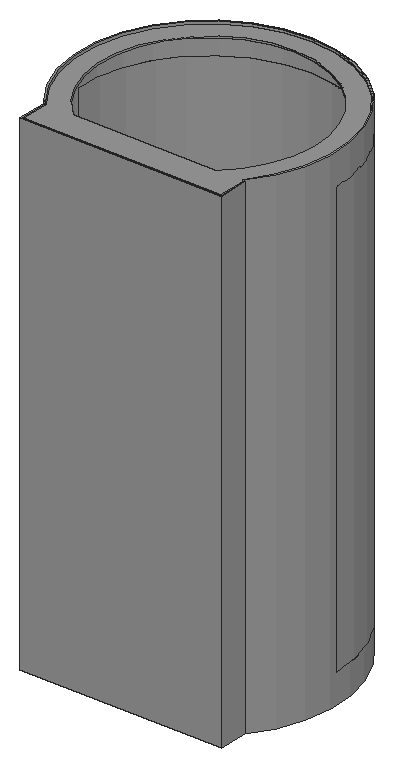
Revit family "3330 Björk_Waste bin", category Furniture Systems, host Wall, Revit 2018
Family settings
  Host = Wall
  Round Connector Dimension = Use Diameter
  Part Type = Normal
  Always vertical = Yes
  Cut with Voids When Loaded = No
  Shared = No
  Room Calculation Point = No
Parameters (values of type "RAL FARVE")
  URL = "http://www.dandryer.com/en-gb/products/waste-sanitary-bins"
  Manufacturer = "Dan Dryer A/S"
  Karosseri = RAL FARVE
  Front = RAL FARVE
  Description = "Waste bin"
Reference planes
  plane 1 "Wall": y = 0
  plane 2 "Center (Left/Right)": x = 125
  plane 3 "Back": y = 75
Text (mm)
  text "Placement Side" at (-1848.837, 1116.779, 0), in view "Ref. Level"
  text "Placement side" at (0, 1409.804, 2854.306), in view "Left"
  text "Placement side" at (0, 499.811, 2980.732), in view "Right"
Dimensions and locks
  locked: plane 3 "Back" to host wall
  aligned and locked: plane 1 "Wall" to host wall
  aligned and locked: nested 1 to plane 3 "Back"
  aligned and locked: nested 1 to plane 2 "Center (Left/Right)"
Nested families
  nested 1: "Master 3320 Waste bin" at (125, 75, 300) x (-1, 0, 0) z (0, 0, 1), type "Master 3320 Waste bin"
Definition of nested family "Master 3320 Waste bin"
  Parameters (values of type "Master 3320 Waste bin")
    Karosseri = none
    Front = none
  Reference planes
    plane 1 "Center (Front/Back)": y = 0
    plane 2: z = 0
    plane 3 "Center (Left/Right)": x = 0
  Forms (mm)
    Extrusion 1, solid, material <- "Karosseri"
      sketch origin (0, -111, 0) x (1, 0, 0) y (0, 1, 0)
        loop
          arc (-101.5, 81.227) -> (0, -130) -> (101.5, 81.227) r 130
          line (101.5, 81.227) -> (99.572, 81.227)
          arc (99.572, 81.227) -> (0, -128.5) -> (-99.572, 81.227) r 128.5
          line (-99.572, 81.227) -> (-101.5, 81.227)
      from 0 to 500
    Extrusion 2, solid, material <- "Karosseri"
      sketch origin (0, -111, 0) x (1, 0, 0) y (0, 1, 0)
        loop
          line (-101.5, 111) -> (-101.5, 81.227) -> (-99.572, 81.227) -> (-99.572, 109.5) -> (99.572, 109.5) -> (99.572, 81.227) -> (101.5, 81.227) -> (101.5, 111) -> (-101.5, 111)
      from 0 to 498
    Extrusion 3, solid, material <- "Karosseri"
      sketch origin (-149.841, -111, 498) x (0, -1, 0) y (-1, 0, 0)
        loop
          line (-81.227, -77.907) -> (-81.227, -221.775)
          arc (-81.227, -221.775) -> (108.5, -149.841) -> (-81.227, -77.907) r 108.5
        loop
          arc (-81.227, -249.413) -> (128.5, -149.841) -> (-81.227, -50.27) r 128.5
          line (-81.227, -50.27) -> (-109.5, -50.27) -> (-109.5, -249.413) -> (-81.227, -249.413)
      from 0 to 1.5
    Extrusion 4, solid, material <- "Karosseri"
      sketch origin (0, -111, 0) x (1, 0, 0) y (0, 1, 0)
        loop
          line (99.572, 109.5) -> (-99.572, 109.5) -> (-99.572, 81.227)
          arc (-99.572, 81.227) -> (0, -128.5) -> (99.572, 81.227) r 128.5
          line (99.572, 81.227) -> (99.572, 109.5)
      from 0 to 1.5
    Extrusion 5, void
      sketch origin (168.514, -111, 31) x (0, -1, 0) y (-1, 0, 0)
        loop
          spline (-4.107, 32.134) -> (30.905, 36.156) -> (63.683, 49.102) -> (91.994, 70.091) -> (113.907, 97.691) -> (127.931, 130.023) -> (133.108, 164.883) -> (129.086, 199.895) -> (116.14, 232.673) -> (95.152, 260.983) -> (67.551, 282.897) -> (35.219, 296.92) -> (0.359, 302.097)
          line (0.359, 302.097) -> (-4.107, 32.134)
      from 0 to -438
    Extrusion 6, solid, material <- "Front"
      sketch origin (0, -111, 0) x (1, 0, 0) y (0, 1, 0)
        loop
          arc (128.438, 3.975) -> (2.125, -128.482) -> (-128.5, -0.275) r 128.5
          line (-128.5, -0.275) -> (-129.997, 0.869)
          arc (-129.997, 0.869) -> (2.112, -129.983) -> (129.9, 5.092) r 130
          line (129.9, 5.092) -> (128.438, 3.975)
      from 31 to 469
  Cuts and joins
    Extrusion 5 cuts Extrusion 1
    Extrusion 5 cuts Extrusion 4
  Dimensions and locks
    aligned and locked: level to plane 2
    aligned and locked: Extrusion 6 to cut or joined group of Extrusion 1, Extrusion 5  (x4)
